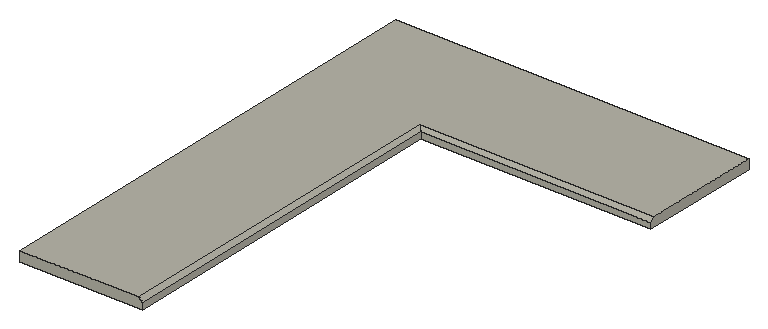
Revit family "Countertop_L-Shaped-noSink", category Casework, Revit 2026
Family settings
  Classification Number = 23.40.70.17.21.11
  Work Plane-Based = No
  Always vertical = Yes
  Cut with Voids When Loaded = No
  Shared = No
  Room Calculation Point = No
Parameters (values of type "Counter_Only")
  Width = 6' - 0"
  Warranty Duration (Years) = 10
  Test Data = ""
  Surface Thickness = 0' - 2"
  Surface Area = (Width * Depth B) + (Length * Depth A) - (Depth A * Depth B)  # 24.8264 SF
  Sqft Cost = 85
  Specification = "http://www.arcat.com/divs/sec/sec06415.shtml"
  Sidesplash - R [instance] = no
  Sidesplash - L [instance] = no
  Sales Information = ""
  Product Properties = "http://www.arcat.com/bim/bim_info.pl?fn=Countertop_L-Shaped-noSink"
  Product Data = "http://www.arcat.com/divs/sec/sec06415.shtml"
  Model = "Generic"  # constant formula
  Manufacturer Website = "http://www.arcat.com/"
  Manufacturer Phone - Toll Free = ""
  Manufacturer Phone = "(203) 929-9444"  # constant formula
  Manufacturer Fax = "(203) 939-2444"  # constant formula
  Manufacturer Email = "bim@arcat.com"  # constant formula
  Manufacturer Address = "1077 Bridgeport Ave, Shelton, CT  06484"  # constant formula
  Manufacturer = "Generic"  # constant formula
  Maintenance Schedule (Months) = 12
  Length = 8' - 0"
  Keynote = "06415"
  Installation_Fabricaton = ""
  Installation Phase = ""
  Finish Surface Height [instance] = 3' - 0"
  Green Building-LEED = "http://www.arcat.com/green/green_building.shtml"
  Expected Lifespan (Years) = 30
  Edge Type = Bevel : 1/2"
  Edge Length = (Width - Depth A) + (Length - Depth B)  # 9' - 10"
  Edge Cost_per Inch = 2.5
  Drawn By = "Robert S. Weygant. CSI, CDT, SCIP"  # constant formula
  Description = "L Shaped Countertop"  # constant formula
  Depth B = 2' - 1"
  Depth A = 2' - 1"
  Default Elevation = 0' - 0"
  Countertop Material = Counter Material - Granite
  Countertop Color = Counter Finish - Custom Color
  Cost = (Sqft Cost * Surface Area / 1.00 SF) + (Edge Cost_per Inch * Edge Length / 0' 1")  # 2405.2431
  Copyright = "2008, ARCAT, Inc."  # constant formula
  Construction Details = "http://www.arcat.com/divs/sec/sec06415.shtml"
  Building Codes = ""
  Backsplash Height = 0' - 4"
  Backsplash = no
  Assembly Code = "C1030400"
Types (3): name | Sidesplash - R | Sidesplash - L | Edge Type | Backsplash
  Counter_Only | no | no | Bevel : 1/2" | no
  Counter_w_Back | no | no | Bevel : 1/2" | yes
  Counter_w_Back-Sides | yes | yes | Roundover : 3/4" | yes
Reference planes (in)
  plane 1 "Center (Front/Back)": y = 0
  plane 2: z = 0
  plane 3 "Center (Left/Right)": x = 0
  plane 4: x = -36
  plane 5: x = 36
  plane 6: y = -48
  plane 7: y = 48
  plane 8 "Surface Height": z = 36
  plane 9: y = 0
  plane 10: x = -36
  plane 11: z = 34
Forms (in)
  Extrusion 1, solid, material "Counter Finish - Custom Color" <- "Countertop Color"
    sketch origin (0, 0, 0) x (1, 0, 0) y (0, 1, 0)
      loop
        line (-36, -48) -> (-11, -48) -> (-11, 23) -> (36, 23) -> (36, 48) -> (-36, 48) -> (-36, -48)
    from 34 to 36
  Extrusion 2, solid, not visible
    sketch origin (-23.60937, 0, 29) x (1, 0, 0) y (0, 1, 0)
      loop
        arc (-6.25, 8) -> (-7.48744, 7.48744) -> (-8, 6.25) r 1.75
        line (-8, 6.25) -> (-8, -6.25)
        arc (-8, -6.25) -> (-7.48744, -7.48744) -> (-6.25, -8) r 1.75
        line (-6.25, -8) -> (6.25, -8)
        arc (6.25, -8) -> (7.48744, -7.48744) -> (8, -6.25) r 1.75
        line (8, -6.25) -> (8, 6.25)
        arc (8, 6.25) -> (7.48744, 7.48744) -> (6.25, 8) r 1.75
        line (6.25, 8) -> (-6.25, 8)
      loop
        arc (-6.25, 7.5) -> (-7.13388, 7.13388) -> (-7.5, 6.25) r 1.25
        line (-7.5, 6.25) -> (-7.5, -6.25)
        arc (-7.5, -6.25) -> (-7.13388, -7.13388) -> (-6.25, -7.5) r 1.25
        line (-6.25, -7.5) -> (6.25, -7.5)
        arc (6.25, -7.5) -> (7.13388, -7.13388) -> (7.5, -6.25) r 1.25
        line (7.5, -6.25) -> (7.5, 6.25)
        arc (7.5, 6.25) -> (7.13388, 7.13388) -> (6.25, 7.5) r 1.25
        line (6.25, 7.5) -> (-6.25, 7.5)
    from 0 to 7
  Extrusion 3, solid, not visible
    sketch origin (-23.60937, 0, 36) x (1, 0, 0) y (0, 1, 0)
      loop
        arc (-9.5, 10) -> (-9.85355, 9.85355) -> (-10, 9.5) r 0.5
        line (-10, 9.5) -> (-10, -9.5)
        arc (-10, -9.5) -> (-9.85355, -9.85355) -> (-9.5, -10) r 0.5
        line (-9.5, -10) -> (9.5, -10)
        arc (9.5, -10) -> (9.85355, -9.85355) -> (10, -9.5) r 0.5
        line (10, -9.5) -> (10, 9.5)
        arc (10, 9.5) -> (9.85355, 9.85355) -> (9.5, 10) r 0.5
        line (9.5, 10) -> (-9.5, 10)
      loop
        line (-7.5, 6.25) -> (-7.5, -6.25)
        arc (-7.5, -6.25) -> (-7.13388, -7.13388) -> (-6.25, -7.5) r 1.25
        line (-6.25, -7.5) -> (6.25, -7.5)
        arc (6.25, -7.5) -> (7.13388, -7.13388) -> (7.5, -6.25) r 1.25
        line (7.5, -6.25) -> (7.5, 6.25)
        arc (7.5, 6.25) -> (7.13388, 7.13388) -> (6.25, 7.5) r 1.25
        line (6.25, 7.5) -> (-6.25, 7.5)
        arc (-6.25, 7.5) -> (-7.13388, 7.13388) -> (-7.5, 6.25) r 1.25
    from 0 to 0.25
  Extrusion 4, solid, material "Counter Finish - Custom Color" <- "Countertop Color", visible <- "Backsplash"
    sketch origin (0, 0, 0) x (1, 0, 0) y (0, 0, 1)
      loop
        line (-36, 34) -> (-35.25, 34) -> (-35.25, 39.42212)
        arc (-35.25, 39.42212) -> (-35.41926, 39.83074) -> (-35.82788, 40) r 0.57788
        line (-35.82788, 40) -> (-36, 40) -> (-36, 34)
    from -48 to 48
  Extrusion 5, solid, material "Counter Finish - Custom Color" <- "Countertop Color", visible <- "Backsplash"
    sketch origin (12, 12, 0) x (0, -1, 0) y (0, 0, 1)
      loop
        line (-36, 36) -> (-35.25, 36) -> (-35.25, 39.42212)
        arc (-35.25, 39.42212) -> (-35.41926, 39.83074) -> (-35.82788, 40) r 0.57788
        line (-35.82788, 40) -> (-36, 40) -> (-36, 36)
    from -24 to 48
  Sweep 6, solid, material "Counter Finish - Custom Color" <- "Countertop Color", visible <- "Sidesplash - L"
    path in 3D
      loop
        line (-36, -48, 36) -> (-11, -48, 36)
    profile origin (-23.5, -48, 36) x (0, 1, 0) y (0, 0, 1)
      loop
        line (0, -2) -> (0.75, -2) -> (0.75, 3.42212)
        arc (0.75, 3.42212) -> (0.58074, 3.83074) -> (0.17212, 4) r 0.57788
        line (0.17212, 4) -> (0, 4) -> (0, -2)
  Sweep 7, solid, material "Counter Finish - Custom Color" <- "Countertop Color", visible <- "Sidesplash - R"
    path in 3D
      loop
        line (36, 23, 36) -> (36, 48, 36)
    profile origin (36, 35.5, 36) x (-1, 0, 0) y (0, 0, 1)
      loop
        line (0, -2) -> (0.75, -2) -> (0.75, 3.42212)
        arc (0.75, 3.42212) -> (0.58074, 3.83074) -> (0.17212, 4) r 0.57788
        line (0.17212, 4) -> (0, 4) -> (0, -2)
  Sweep 8, void
    path in 3D
      loop
        line (-11, -48, 36) -> (-11, 23, 36) -> (36, 23, 36)
    profile "Bevel : 3/4"" origin (-11, -12.5, 36) x (-1, 0, 0) y (0, 0, 1)
      loop
        line (0, -0.75) -> (0.75, 0) -> (0, 0) -> (0, -0.75)
Cuts and joins
  Sweep 8 cuts Extrusion 1
Lines and regions (in)
  sketch lines
    curve 1: line (-36, -48, 36) -> (-11, -48, 36)
    curve 2: line (36, 23, 36) -> (36, 48, 36)
    curve 3: line (-11, -48, 36) -> (-11, 23, 36)
    curve 4: line (-11, 23, 36) -> (36, 23, 36)
Dimensions and locks (in)
  "Width": plane 4 to plane 5
  "Length": plane 7 to plane 6
  equal spacing: plane 4, plane 3 "Center (Left/Right)", plane 5
  equal spacing: plane 7, plane 1 "Center (Front/Back)", plane 6
  "Depth A": plane 4 to Extrusion 1
  "Depth B": plane 7 to Extrusion 1
  "Backsplash Height": Extrusion 5 sketch curve to Extrusion 5 sketch curve
  "Finish Surface Height": plane 8 "Surface Height" to level
  "Surface Thickness": plane 8 "Surface Height" to plane 11
  "Backsplash Height": Extrusion 4 sketch curve to cut or joined group of Extrusion 1, Sweep 8
  "Backsplash Height": Sweep 6 sketch curve to cut or joined group of Extrusion 1, Sweep 8
  "Backsplash Height": Sweep 7 sketch curve to cut or joined group of Extrusion 1, Sweep 8
  aligned and locked: plane 4 to Extrusion 4
  aligned and locked: plane 7 to Extrusion 5
  aligned and locked: plane 5 to Extrusion 5
  aligned and locked: plane 4 to Extrusion 5
  aligned and locked: plane 7 to Extrusion 4
  aligned and locked: Extrusion 4 to plane 6
  aligned and locked: plane 8 "Surface Height" to Extrusion 1
  aligned and locked: plane 11 to cut or joined group of Extrusion 1, Sweep 8
  aligned and locked: Extrusion 4 sketch curve to cut or joined group of Extrusion 1, Sweep 8
  aligned and locked: Sweep 6 sketch curve to cut or joined group of Extrusion 1, Sweep 8
  aligned and locked: Sweep 7 sketch curve to cut or joined group of Extrusion 1, Sweep 8
Automatic sketch dimensions
  Extrusion 2 sketch curve to Extrusion 2 sketch curve = 0' - 0"  (x15)
  Extrusion 2 sketch curve to Extrusion 2 sketch curve = 0' - 0 1/2"
  Extrusion 2 sketch curve to Extrusion 2 sketch curve = 0' - 1 1/4"  (x3)
  Extrusion 2 sketch curve to Extrusion 2 sketch curve = 1' - 0 1/2"  (x3)
  Extrusion 3 sketch curve to Extrusion 3 sketch curve = 0' - 0 1/2"  (x3)
  Extrusion 3 sketch curve to Extrusion 3 sketch curve = 0' - 2"
  Extrusion 3 sketch curve to Extrusion 3 sketch curve = 0' - 1 1/4"  (x3)
  Extrusion 3 sketch curve to Extrusion 3 sketch curve = 1' - 0 1/2"  (x3)
  Extrusion 3 sketch curve to Extrusion 3 sketch curve = 0' - 3 1/4"  (x4)
  Extrusion 1 sketch curve to plane 4 = 0' - 0"
  Extrusion 1 sketch curve to plane 6 = 0' - 0"
  Extrusion 1 sketch curve to plane 5 = 0' - 0"
  Extrusion 1 sketch curve to plane 7 = 0' - 0"
  Extrusion 4 sketch curve to plane 4 = 0' - 0"
  Extrusion 4 sketch curve to Extrusion 4 sketch curve = 0' - 0.17212"
  Extrusion 4 sketch curve to Extrusion 4 sketch curve = 0' - 0.57788"
  Extrusion 5 sketch curve to plane 7 = 0' - 0"
  Extrusion 5 sketch curve to plane 8 "Surface Height" = 0' - 0"
  Extrusion 5 sketch curve to Extrusion 5 sketch curve = 0' - 0.17212"
  Extrusion 5 sketch curve to Extrusion 5 sketch curve = 0' - 0.57788"
  Sweep 6 sketch curve to profile plane = 0' - 0"
  Sweep 6 sketch curve to profile plane = 0' - 0.17212"
  Sweep 6 sketch curve to Sweep 6 sketch curve = 0' - 0.57788"
  Sweep 7 sketch curve to Sweep 7 sketch curve = 0' - 0.57788"
  profile plane to Sweep 7 sketch curve = 0' - 0"
  Sweep 7 sketch curve to Sweep 7 sketch curve = 0' - 0.17212"
  Extrusion 1 sketch curve to plane 3 "Center (Left/Right)" = 0' - 11"
  Extrusion 1 sketch curve to plane 1 "Center (Front/Back)" = 1' - 11"
